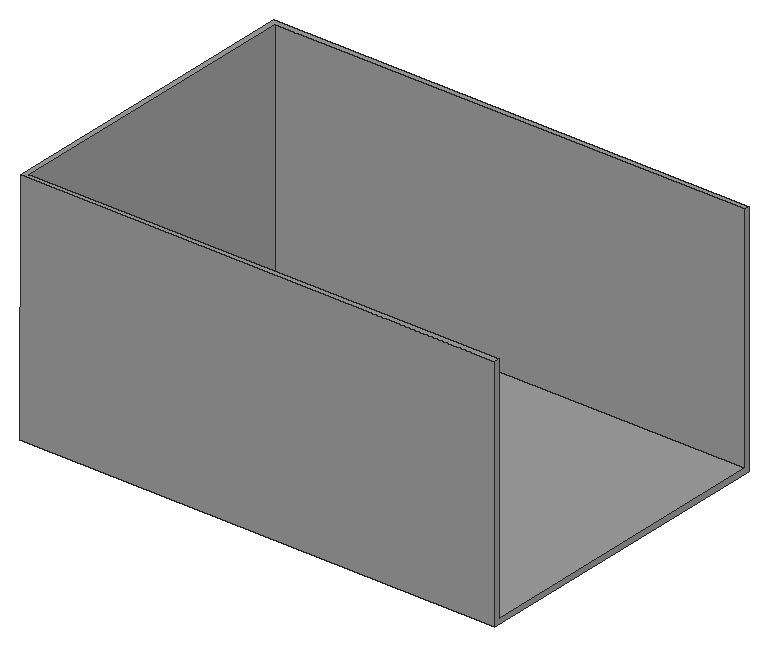
Revit family "Flashing_Preformed_Hyload_StopEnd", category Generic Models, Revit 2013
Parameters (values of type "4 inch")
  Unit Width = 0' - 4"
  Unit Height = 0' - 3"
  Unit Depth = 0' - 6"
  URL = "http://www.hyload.com/"
  Thickness = 0' - 0 1/16"
  Specification = "http://www.arcat.com/sdspecs/htm04/07_65_00hyl.htm"
  Sales Information = "http://www.hyload.com/contact-us"
  Revision = "R1_12-2015"
  Product Properties = "http://www.hyload.com/masonry-flashing/preformed-shapes/"
  Product Data = "http://www.arcat.com/arcatcos/cos33/arc33176.html"
  Model = "4 in Stop End"
  Manufacturer Website = "http://www.hyload.com/"
  Manufacturer Phone - Toll Free = "800-457-4056"
  Manufacturer Phone = "330-769-3546"
  Manufacturer Fax = "330-769-4153"
  Manufacturer Address = "5020 Panther Pkwy., Seville, OH 44273"
  Manufacturer = "Hyload"
  Keynote = "07 65 00"
  Flashing Material = Hyload Flashing Membrane - Grey
  Drawn By = "Robert S. Weygant / Sumex Design"
  Description = "Preformed Hyload Masonry Flashing - 4 in Stop End"
  Copyright = "(c) ARCAT, Inc, 2015"
  Construction Details = "http://www.arcat.com/details/hyload/hyload.html?coid=33176"
  Assembly Code = "B3010400"
Types (3): name | Unit Width | Model | Description
  4 inch | 0' - 4" | "4 in Stop End" | "Preformed Hyload Masonry Flashing - 4 in Stop End"
  6 inch | 0' - 6" | "6 in Stop End" | "Preformed Hyload Masonry Flashing - 6 in Stop End"
  8 inch | 0' - 8" | "8 in Stop End" | "Preformed Hyload Masonry Flashing - 8 in Stop End"
Reference planes (in)
  plane 1 "Center (Front/Back)": y = 0
  plane 2: z = 0
  plane 3 "Center (Left/Right)": x = 0
  plane 4: y = 4
  plane 5: x = 6
  plane 6: z = 3
Forms (in)
  Extrusion 1, solid, material "Hyload Flashing Membrane - Grey" <- "Flashing Material"
    sketch origin (0, 0, 0) x (1, 0, 0) y (0, 1, 0)
      loop
        line (0, 4) -> (0, 0) -> (6, 0) -> (6, 4) -> (0, 4)
    from 0 to 0.0625 <- "Thickness"
  Extrusion 2, solid, material "Hyload Flashing Membrane - Grey" <- "Flashing Material"
    sketch origin (0, 0, 0) x (1, 0, 0) y (0, 1, 0)
      loop
        line (0, 4) -> (0, 0) -> (6, 0) -> (6, 0.0625) -> (0.0625, 0.0625) -> (0.0625, 3.9375) -> (6, 3.9375) -> (6, 4) -> (0, 4)
    from 0 to 3 <- "Unit Height"
Cuts and joins
  joined: Extrusion 1, Extrusion 2
Dimensions and locks (in)
  "Unit Width": plane 1 "Center (Front/Back)" to plane 4
  "Unit Depth": plane 3 "Center (Left/Right)" to plane 5
  "Unit Height": plane 6 to level
  "Thickness": plane 1 "Center (Front/Back)" to Extrusion 2 sketch curve
  "Thickness": plane 3 "Center (Left/Right)" to Extrusion 2 sketch curve
  plane 3 "Center (Left/Right)" to Extrusion 2 = 0' - 6"
  "Thickness": plane 4 to Extrusion 2 sketch curve
  aligned and locked: plane 2 to level
  aligned and locked: Extrusion 1 sketch curve to plane 4
  aligned and locked: plane 3 "Center (Left/Right)" to Extrusion 1 sketch curve
  aligned and locked: Extrusion 1 sketch curve to plane 1 "Center (Front/Back)"
  aligned and locked: Extrusion 1 sketch curve to plane 5
  aligned and locked: plane 4 to Extrusion 2 sketch curve
  aligned and locked: Extrusion 2 sketch curve to plane 3 "Center (Left/Right)"
  aligned and locked: plane 1 "Center (Front/Back)" to Extrusion 2 sketch curve
  aligned and locked: plane 5 to Extrusion 2 sketch curve  (x2)
  aligned and locked: Extrusion 2 to level
